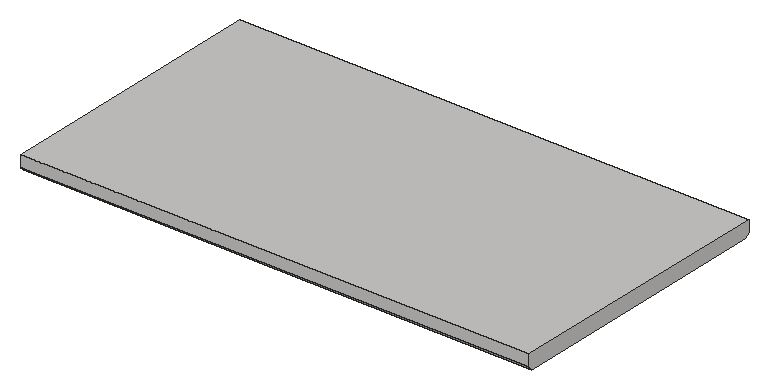
Revit family "QF_ELECTROLUXPROFESSIONAL_121109_TPLA13", category Attrezzature speciali, Revit 2020
Family settings
  Quota connettore circolare = Usa diametro
  Tipo di parte = Normale
  Basato su piano di lavoro = No
  Sempre verticale = Sì
  Taglio con vuoti quando caricato = No
  Condiviso = No
  Punto di calcolo locali = No
Parameters (values of type "Standard")
  Weight = 43.00 kg
  Watts = 0 W
  Volts = 0 V
  URL Manufacturer = "https://www.electroluxprofessional.com/"
  URL = "https://www.electroluxprofessional.com/"
  Steam Supply Size = 0 mm
  Steam Supply Minimum Pressure = 0.0 Pa
  Steam Supply Maximum Pressure = 0.0 Pa
  Steam Consumption per Hour = 0
  Refrigeration Suction Line Size = 0.0 mm
  Refrigeration Liquid Line Size = 0.0 mm
  Refrigerant Compressor Remote = yes
  Prospetto di default = 0.0 mm
  Phase = 0
  Modello = "TPLA13"
  Produttore = "Electrolux Professional"
  Length Actual = 1300.0 mm  # constant formula
  Item Number = "121109"
  Hot Water Size = 0 mm
  Height Actual = 40.0 mm  # constant formula
  HP = "0 HP"
  Gas Size = 0 mm
  Gas KW = 0
  Gas Input Pressure = 0 W
  Direct Waste Size = 0 mm
  Descrizione = "WORK TOP 1300MM"
  Depth Actual = 700.0 mm  # constant formula
  Cycle = 0 Hz
  Condensate Return Size = 0 mm
  Compressed Air Volume = 0.0 L/s
  Compressed Air Size = 0 mm
  Compressed Air Pressure = 0.0 Pa
  Cold Water Size = 0 mm
  Accessory = yes
Reference planes
  plane 1 "Center (Front/Back)": y = 0
  plane 2: z = 0
  plane 3 "Center (Left/Right)": x = -150
  plane 4 "LEFT": x = -800
  plane 5 "RIGHT": x = 500
  plane 6 "BACK": y = 350
  plane 7 "FRONT": y = -350
  plane 8 "TOP": z = 860
  plane 9 "BaseTop": z = 900
Forms (mm)
  Extrusion 1, solid, material "QF_Finishes_Stainless Steel"
    sketch origin (-150, 0, 0) x (0, 1, 0) y (0, 0, 1)
      loop
        line (-350, 900) -> (-350, 870) -> (-340, 860) -> (340, 860) -> (350, 870) -> (350, 900) -> (-350, 900)
    from 650 to -650
Lines and regions (mm)
  symbolic lines
    curve 1: line (500, 350, 860) -> (-800, 350, 860)
    curve 2: line (-800, 350, 860) -> (-800, -350, 860)
    curve 3: line (-800, -350, 860) -> (500, -350, 860)
    curve 4: line (500, -350, 860) -> (500, 350, 860)
Dimensions and locks
  plane 4 "LEFT" to plane 5 "RIGHT" = 1300.0 mm
  equal spacing: plane 4 "LEFT", plane 3 "Center (Left/Right)", plane 5 "RIGHT"
  plane 6 "BACK" to plane 7 "FRONT" = 700.0 mm
  equal spacing: plane 6 "BACK", plane 1 "Center (Front/Back)", plane 7 "FRONT"
  locked: plane 9 "BaseTop" to plane 8 "TOP" at 40
  plane 8 "TOP" to level = 860.0 mm
  aligned and locked: level to plane 2
  aligned and locked: Extrusion 1 to plane 4 "LEFT"
  aligned and locked: plane 5 "RIGHT" to Extrusion 1
  aligned and locked: curve 2 to plane 4 "LEFT"
  aligned and locked: plane 9 "BaseTop" to Extrusion 1 sketch curve
Automatic sketch dimensions
  curve 3 to plane 7 "FRONT" = 0.0 mm
  curve 4 to plane 6 "BACK" = 0.0 mm
  curve 4 to plane 5 "RIGHT" = 0.0 mm
  Extrusion 1 sketch curve to plane 7 "FRONT" = 0.0 mm
  level to Extrusion 1 sketch curve = 860.0 mm
  Extrusion 1 sketch curve to plane 6 "BACK" = 0.0 mm
  plane 7 "FRONT" to Extrusion 1 sketch curve = 10.0 mm
  level to Extrusion 1 sketch curve = 870.0 mm  (x2)
  Extrusion 1 sketch curve to plane 6 "BACK" = 10.0 mm
